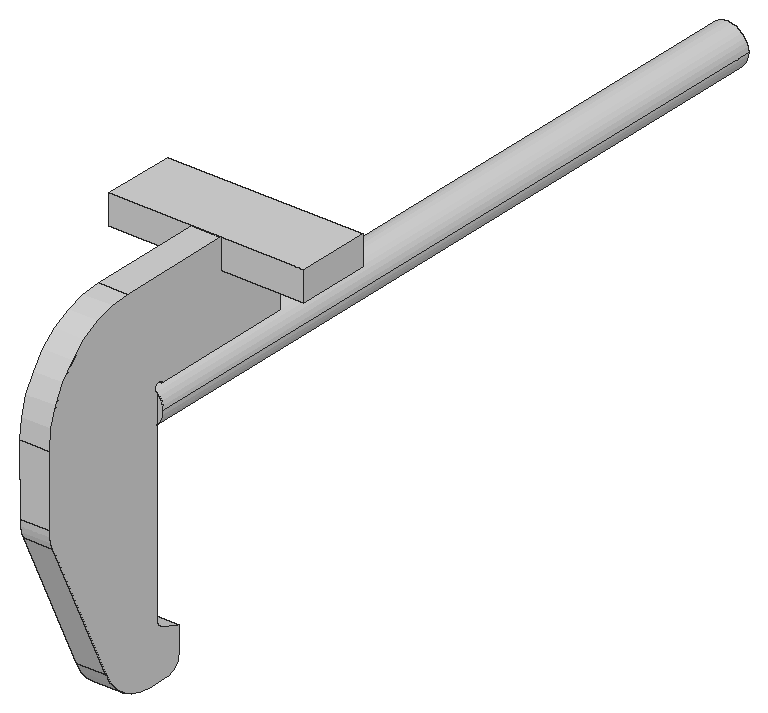
Revit family "EV_ORMA BULKHEAD HOOK_1900227", category Generic Models, Revit 2018
Family settings
  Can host rebar = No
  Round Connector Dimension = Use Diameter
  Part Type = Normal
  OmniClass Number = 35.51.14.00
  OmniClass Title = FORMWORK
  Work Plane-Based = Yes
  Always vertical = No
  Cut with Voids When Loaded = No
  Shared = Yes
  Room Calculation Point = No
Parameters
  VERSION = "20170217"  # constant formula
  URL = "www.ulmaconstruction.com/en"
  UNICLASS = ""
  Manufacturer = "ULMA CONSTRUCTION"  # constant formula
  ITEM_CODE = "1900227"
  FILTER [instance] = ""
  Default Elevation = 0.000 mm
  CLASSIFICATION_TITLE = ""
  CLASSIFICATION_NUMBER = ""
Reference planes
  plane 1 "Centro (Frontal/Posterior)": y = 0
  plane 2: z = 0
  plane 3 "Centro (Izquierda/Derecha)": x = 0
Forms (mm)
  Extrusion 1, solid, material "ULMA ZINC", detail levels fine
    sketch origin (0, 0, 0) x (0, 1, 0) y (0, 0, 1)
      loop
        arc (-15.001, 60.5) -> (-43.286, 48.784) -> (-55.001, 20.5) r 40
        line (-55.001, 20.5) -> (-55.001, -8.738)
        arc (-55.001, -8.738) -> (-54.575, -12.634) -> (-53.315, -16.345) r 18
        line (-53.315, -16.345) -> (-26.259, -74.366)
        arc (-26.259, -74.366) -> (-17.034, -84.885) -> (-3.602, -88.8) r 25
        line (-3.602, -88.8) -> (5, -88.8)
        arc (5, -88.8) -> (9.243, -87.043) -> (11, -82.8) r 6
        line (11, -82.8) -> (11, -72.078) -> (1.974, -68.793)
        arc (1.974, -68.793) -> (0.543, -67.694) -> (0, -65.974) r 3
        line (0, -65.974) -> (0, 16.985) -> (0, 17.768)
        arc (0, 17.768) -> (-0.414, 20.914) -> (2.732, 20.5) r 2
        line (2.732, 20.5) -> (63, 20.5) -> (63, 48.5) -> (33, 48.5) -> (33, 60.5) -> (-15.001, 60.5)
    from -6 to 6
  Extrusion 2, solid, material "ULMA ZINC", detail levels fine
    sketch origin (0, 0, 0) x (0, 1, 0) y (0, 0, 1)
      loop
        line (33, 60.5) -> (33, 48.5) -> (63, 48.5) -> (63, 60.5) -> (33, 60.5)
    from -40 to 40
  Extrusion 3, solid, material "ULMA ZINC"
    sketch origin (0, 0, 0) x (1, 0, 0) y (0, 0, 1)
      loop
        circle (0, 12) r 8.5
    from -300 to 0
Dimensions and locks
  aligned and locked: level to plane 2
